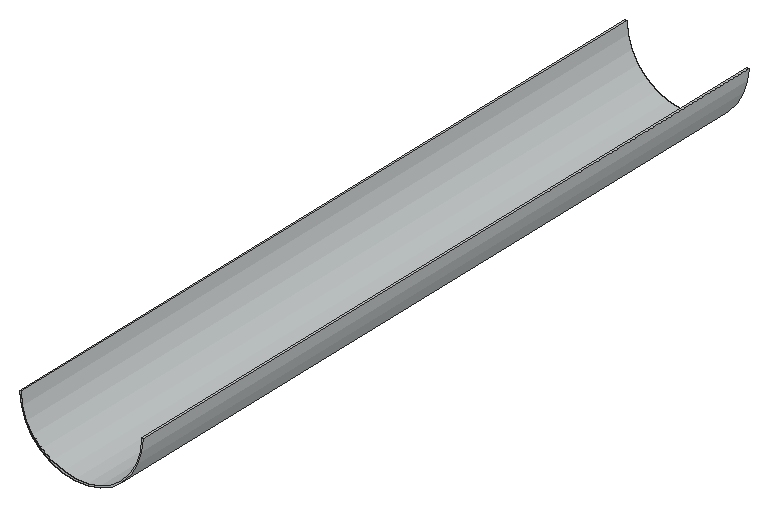
Revit family "mss-insulation protection shield- 7750", category Pipe Accessories, Revit 2018
Family settings
  Round Connector Dimension = Use Diameter
  Part Type = Normal
  Work Plane-Based = No
  Always vertical = Yes
  Cut with Voids When Loaded = No
  Shared = No
Parameters (values of type "7750 shield")
  Weight [instance] = size_lookup(Lookup, "Weight", "NA", Nominal Diameter)  # "0.47 lbs."
  URL = "http://www.fnw.com"
  T [instance] = size_lookup(Lookup, "T", 0.000", Nominal Diameter)  # 0.047"
  Product ID [instance] = size_lookup(Lookup, "ProductID", "NA", Nominal Diameter)  # "3977872"
  Part Number [instance] = size_lookup(Lookup, "PartNumber", "NA", Nominal Diameter)  # "FNW7750Z0150"
  OD [instance] = ID + T  # 1.957"
  Nominal Diameter [instance] = 1 1/2"
  Lookup = "7750-Protection-Saddle"  # constant formula
  L [instance] = size_lookup(Lookup, "L", 0.000", Nominal Diameter)  # 12.000"
  ID [instance] = size_lookup(Lookup, "ID", 0.000", Nominal Diameter)  # 1.910"
  Description BOM [instance] = size_lookup(Lookup, "Description_BOM", "NA", Nominal Diameter)  # "1 1/2 Galvanized MSS Insulation Protector Shield"
Reference planes (in)
  plane 1 "Center (Front/Back)": y = 0
  plane 2: z = 0
  plane 3 "Center (Left/Right)": x = 0
  plane 4 "ID Edge": z = -0.955
  plane 5: z = 0.955
  plane 6: x = -0.955
  plane 7: x = 0.955
  plane 8: y = 12
Forms (in)
  Extrusion 1, solid, material "Steel, Galvanized"
    sketch origin (0, 0, 0) x (1, 0, 0) y (0, 0, 1)
      loop
        circle (0, 0) r 0.955
      loop
        circle (0, 0) r 0.9785
    from -12 to 0
  Extrusion 2, void
    sketch origin (0, 0, 0) x (1, 0, 0) y (0, 0, 1)
      loop
        line (-1.91, 1.91) -> (-1.91, 0) -> (1.91, 0) -> (1.91, 1.91) -> (-1.91, 1.91)
    from -12 to 0
Cuts and joins
  Extrusion 2 cuts Extrusion 1
Lines and regions (in)
  reference lines
    curve 1: line (0, 12, -0.955) -> (0, 0, -0.955)
Dimensions and locks (in)
  equal spacing: plane 5, plane 2, plane 4 "ID Edge"
  "ID": plane 5 to plane 4 "ID Edge"
  equal spacing: plane 7, plane 3 "Center (Left/Right)", plane 6
  "ID": plane 7 to plane 6
  "ID": plane 3 "Center (Left/Right)" to Extrusion 2 sketch curve
  "ID": Extrusion 2 sketch curve to plane 3 "Center (Left/Right)"
  "ID": Extrusion 2 sketch curve to plane 2
  "L": plane 1 "Center (Front/Back)" to plane 8
  "ID": diameter of Extrusion 1 sketch curve
  "OD": diameter of Extrusion 1 sketch curve
  aligned and locked: plane 2 to level
  aligned and locked: plane 8 to Extrusion 1
  aligned and locked: Extrusion 2 to Extrusion 1
  aligned and locked: plane 1 "Center (Front/Back)" to Extrusion 2
  aligned and locked: plane 1 "Center (Front/Back)" to Extrusion 1
Automatic sketch dimensions
  Extrusion 1 sketch curve to Extrusion 1 sketch curve = 0.000"  (x2)
  Extrusion 1 sketch curve to level = 0.000"
  Extrusion 1 sketch curve to plane 3 "Center (Left/Right)" = 0.000"
  Extrusion 2 sketch curve to level = 0.000"
  plane 1 "Center (Front/Back)" to curve 1 = 0.000"
  curve 1 to plane 3 "Center (Left/Right)" = 0.000"
  curve 1 to plane 8 = 0.000"
